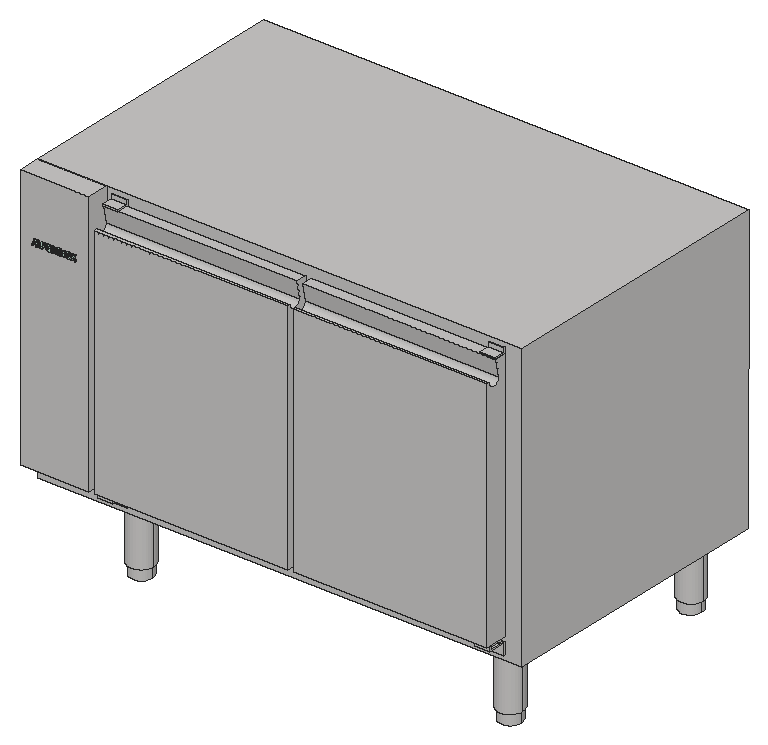
Revit family "QF_ALPENINOX_712604_AJ2R8AA", category Specialty Equipment, Revit 2018
Family settings
  Round Connector Dimension = Use Diameter
  Part Type = Normal
  Work Plane-Based = No
  Always vertical = Yes
  Cut with Voids When Loaded = No
  Shared = No
  Room Calculation Point = No
Parameters
  Weight = 0.00 kg
  Watts = 2.78709 W
  Volts = 220 V
  URL Manufacturer = "http://www.alpeninox.com"
  URL = "http://www.alpeninox.com"
  Steam Supply Size = 0 mm
  Steam Supply Minimum Pressure = 0.0 Pa
  Steam Supply Maximum Pressure = 0.0 Pa
  Steam Pounds per Hour = 0
  Refrigeration Suction Line Size = 0 mm
  Refrigeration Liquid Line Size = 0 mm
  Refrigerant Compressor Remote = yes
  Manufacturer = "Alpeninox"
  Phase = 1
  Model = "AJ2R8AA"
  Length Actual = 1103 mm  # constant formula
  Length = 1103 mm
  Item Number = "712604"
  Hot Water Size = 0 mm
  Height Actual = 800 mm  # constant formula
  Height = 650 mm
  HP = "0 HP"
  Gas Size = 0 mm
  Gas KW = 0
  Gas Input Pressure = 0 W
  Depth Actual = 700 mm  # constant formula
  Depth = 695 mm
  Description = "2 DOOR REFRIGERATED TABLE -2C-NO TOP REM"
  Cycle = 60 Hz
  Condensate Return Size = 0 mm
  Compressed Air Volume = 0.0 L/s
  Compressed Air Size = 0 mm
  Compressed Air Pressure = 0.0 Pa
  Cold Water Size = 0 mm
  Accessory = yes
Reference planes
  plane 1: z = 0
  plane 2 "Center (Left/Right)": x = -124.5
  plane 3 "Center (Front/Back)": y = 64.5
  plane 4 "FEET": z = 150
  plane 5 "TOP": z = 850
  plane 6 "PLAIN": z = 800
  plane 7 "EI_back": y = 359
  plane 8 "EI_left": x = -610
  plane 9 "BACK": y = 412
  plane 10 "FRONT": y = -283
  plane 11 "DOOR": y = -233
  plane 12 "LEFT": x = -676
  plane 13 "RIGHT": x = 427
  plane 14: x = -651
  plane 15: x = 402
  plane 16 "RO_left": x = -636
  plane 17 "RI_left": x = -584
  plane 18 "RO_back": y = 375.5
  plane 19 "RI_back": y = 375.5
  plane 20 "DRAINleft": x = -610
  plane 21 "DRAINback": y = 164
Forms (mm)
  Extrusion 1, solid, material "QF_Finishes_Stainless Steel"
    sketch origin (-1022.223, -1524, 150) x (-1, 0, 0) y (0, -1, 0)
      loop
        circle (-412.223, -1883) r 5
    from 0 to -40
  Extrusion 2, solid, material "QF_Finishes_Stainless Steel"
    sketch origin (-1022.223, -1524, 150) x (-1, 0, 0) y (0, -1, 0)
      loop
        circle (-386.223, -1899.5) r 4.25
    from 0 to -20
  Extrusion 3, solid, material "QF_Finishes_Stainless Steel"
    sketch origin (-1022.223, -1524, 150) x (-1, 0, 0) y (0, -1, 0)
      loop
        circle (-438.223, -1899.5) r 4
    from 0 to -20
  Extrusion 4, solid, material "QF_Finishes_Stainless Steel"
    sketch origin (-1022.223, -1524, 150) x (-1, 0, 0) y (0, -1, 0)
      loop
        circle (-412.223, -1688) r 8.5
    from 0 to -40
  Extrusion 5, solid, material "QF_Finishes_Stainless Steel"
    sketch origin (-1022.223, -1524, 150) x (-1, 0, 0) y (0, -1, 0)
      loop
        line (-346.223, -1936) -> (-346.223, -1291) -> (-1449.223, -1291) -> (-1449.223, -1936) -> (-346.223, -1936)
    from 0 to 650 <- "Height"
Lines and regions (mm)
  symbolic lines, style "SpecialityEquipmentHiddenLines"
    curve 1: line (-676, 412, 150) -> (427, 412, 150)
    curve 2: line (-676, -283, 150) -> (-676, 412, 150)
    curve 3: line (427, -283, 150) -> (-676, -283, 150)
    curve 4: line (427, 412, 150) -> (427, -283, 150)
    curve 5: line (-676, -233, 150) -> (427, -233, 150)
    curve 6: line (402, -233, 150) -> (402, -283, 150)
Dimensions and locks
  plane 4 "FEET" to level = 150 mm
  plane 11 "DOOR" to plane 10 "FRONT" = 50 mm
  "Height": plane 6 "PLAIN" to plane 4 "FEET"
  plane 5 "TOP" to plane 6 "PLAIN" = 50 mm
  plane 12 "LEFT" to plane 14 = 25 mm
  plane 15 to plane 13 "RIGHT" = 25 mm
  plane 9 "BACK" to plane 18 "RO_back" = 36.5 mm
  plane 9 "BACK" to plane 7 "EI_back" = 53 mm
  plane 9 "BACK" to plane 19 "RI_back" = 36.5 mm
  plane 9 "BACK" to plane 21 "DRAINback" = 248 mm
  plane 12 "LEFT" to plane 20 "DRAINleft" = 66 mm
  plane 12 "LEFT" to plane 8 "EI_left" = 66 mm
  plane 12 "LEFT" to plane 17 "RI_left" = 92 mm
  plane 12 "LEFT" to plane 16 "RO_left" = 40 mm
  "Depth": plane 9 "BACK" to plane 10 "FRONT"
  equal spacing: plane 9 "BACK", plane 3 "Center (Front/Back)", plane 10 "FRONT"
  "Length": plane 12 "LEFT" to plane 13 "RIGHT"
  equal spacing: plane 12 "LEFT", plane 2 "Center (Left/Right)", plane 13 "RIGHT"
  aligned and locked: level to plane 1
Automatic sketch dimensions
  Extrusion 1 sketch curve to plane 7 "EI_back" = 0 mm
  Extrusion 1 sketch curve to plane 8 "EI_left" = 0 mm
  Extrusion 2 sketch curve to plane 16 "RO_left" = 0 mm
  Extrusion 2 sketch curve to plane 18 "RO_back" = 0 mm
  Extrusion 3 sketch curve to plane 17 "RI_left" = 0 mm
  Extrusion 3 sketch curve to plane 19 "RI_back" = 0 mm
  Extrusion 4 sketch curve to plane 20 "DRAINleft" = 0 mm
  Extrusion 4 sketch curve to plane 21 "DRAINback" = 0 mm
  Extrusion 5 sketch curve to plane 9 "BACK" = 0 mm
  Extrusion 5 sketch curve to plane 13 "RIGHT" = 0 mm
  Extrusion 5 sketch curve to plane 11 "DOOR" = 0 mm
  Extrusion 5 sketch curve to plane 12 "LEFT" = 0 mm
  curve 1 to plane 13 "RIGHT" = 0 mm
  curve 6 to plane 15 = 0 mm
  curve 5 to plane 11 "DOOR" = 0 mm
  curve 5 to plane 12 "LEFT" = 0 mm
  curve 6 to plane 10 "FRONT" = 0 mm
  curve 1 to plane 9 "BACK" = 0 mm
  radius of Extrusion 1 sketch curve = 5 mm
  radius of Extrusion 2 sketch curve = 4.25 mm
  radius of Extrusion 3 sketch curve = 4 mm
  radius of Extrusion 4 sketch curve = 8.5 mm
Nested families
  nested 1: "Refrigerator" at (427, -283, 0), type "Refrigerator"
  nested 2: "FEET" at (-480, 331, 0), type "FEET"
  nested 3: "FEET" at (361, 331, 0), type "FEET"
  nested 4: "FEET" at (-480, -183, 0), type "FEET"
  nested 5: "FEET" at (361, -183, 0), type "FEET"
  nested 6: "APX_REM_TN_L_650" at (-519.08, -233, 548) x (1, 0, 0) z (0, -1, 0), type "APX_REM_TN_L_650"
    with Show Logo yes
  nested 7: "APX_SD_L_650" at (-286, -233, 458.88) x (1, 0, 0) z (0, -1, 0), type "APX_SD_L_650"
    with Show Clearance yes
  nested 8: "APX_SD_R_650" at (168, -233, 458.88) x (1, 0, 0) z (0, -1, 0), type "APX_SD_R_650"
    with Show Clearance yes
Connectors
  electrical at (-610, 359, 110), driven by "Volts"
    settings: on Extrusion 1, index 1, voltage 220 V, apparent load 0 VA, apparent load phase1 0 VA, apparent load phase2 0 VA, apparent load phase3 0 VA, power factor 1, load classification "Other", number of poles 1, system type 31, power factor state 1, is connector primary yes, connector utility no, sub classification motor no, connector description "Electrical Connection"
  piping at (-636, 375.5, 130)
    settings: on Extrusion 2, index 3, connector diameter 0 mm, connector inside diameter 609.6 mm, connector length 0 mm, flow factor 0, pipe flow 0.0 L/s, pressure drop 0.0 Pa, fitting loss kfactor 0, connector angle 0.00°, fixture units 0, engagement length 0 mm, angle of deflection 0.00°, flow configuration 1, flow direction 2, fitting loss method 0, system type 8, joint type 0, gender type 0, connector reference index -1, connector utility 0, adjustable connector no, is connector primary yes, connector description "Refrigerant Outlet"
  piping at (-584, 375.5, 130)
    settings: on Extrusion 3, index 4, connector diameter 0 mm, connector inside diameter 609.6 mm, connector length 0 mm, flow factor 0, pipe flow 0.0 L/s, pressure drop 0.0 Pa, fitting loss kfactor 0, connector angle 0.00°, fixture units 0, engagement length 0 mm, angle of deflection 0.00°, flow configuration 1, flow direction 1, fitting loss method 0, system type 7, joint type 0, gender type 0, connector reference index -1, connector utility 0, adjustable connector no, is connector primary no, connector description "Refrigerant Inlet"
  piping at (-610, 164, 110), diameter 17
    settings: on Extrusion 4, index 5, connector inside diameter 609.6 mm, connector length 0 mm, flow factor 0, pipe flow 0.0 L/s, pressure drop 0.0 Pa, fitting loss kfactor 0, connector angle 0.00°, fixture units 0, engagement length 0 mm, angle of deflection 0.00°, flow configuration 1, flow direction 2, fitting loss method 0, system type 16, joint type 0, gender type 0, connector reference index -1, connector utility 0, adjustable connector no, is connector primary no, connector description "Drain"
Definition of nested family "FEET"
  Parameters
    FEET = 150 mm
  Reference planes
    plane 1 "Center (Front/Back)": y = 0
    plane 2: z = 0
    plane 3 "Center (Left/Right)": x = 0
    plane 4: z = 150
  Forms (mm)
    Revolve 1, solid
      sketch origin (255.05, 0, 608.09) x (0, 0, 1) y (-1, 0, 0)
        loop
          line (-608.09, 255.05) -> (-608.09, 230.05) -> (-583.09, 230.05) -> (-583.09, 226.05) -> (-458.09, 226.05) -> (-458.09, 255.05) -> (-608.09, 255.05)
        axis (-608.09, 255.05) -> (-458.09, 255.05)
      angle from 0 to 360
  Dimensions and locks
    locked: Revolve 1 sketch curve to Revolve 1 sketch curve at 125
    "FEET": plane 4 to plane 2
    aligned and locked: level to plane 2
    aligned and locked: plane 4 to Revolve 1 sketch curve
    aligned and locked: Revolve 1 sketch curve to level
    aligned and locked: plane 3 "Center (Left/Right)" to Revolve 1 sketch curve
  Automatic sketch dimensions
    Revolve 1 sketch curve to plane 3 "Center (Left/Right)" = 0 mm
    Revolve 1 sketch curve to Revolve 1 sketch curve = 25 mm
    Revolve 1 sketch curve to Revolve 1 sketch curve = 29 mm
    plane 4 to Revolve 1 sketch curve = 50 mm
    Revolve 1 sketch curve to Revolve 1 sketch curve = 20 mm
Definition of nested family "APX_REM_TN_L_650"
  Parameters
    Show Logo [instance] = yes
    Default Elevation = 1219.2 mm
  Reference planes
    plane 1 "Centro (Fronte/Retro)": y = -49
    plane 2: z = 0
    plane 3 "Centro (Sinistra/Destra)": x = -78.92
  Forms (mm)
    Extrusion 1, solid
      sketch origin (0, 0, 0) x (1, 0, 0) y (0, 1, 0)
        loop
          line (-1219.2, 1219.2) -> (-1219.2, -1219.2) -> (1219.2, -1219.2) -> (1219.2, 1219.2) -> (-1219.2, 1219.2)
      from 0 to -304.8
    Extrusion 2, solid
      sketch origin (0, 0, 0) x (1, 0, 0) y (0, 1, 0)
        loop
          line (-156.92, 252) -> (-156.92, -350) -> (-0.92, -350) -> (-0.92, 252) -> (-156.92, 252)
      from 0 to 50
    Extrusion 3, solid
      sketch origin (43.141, -49.023, 0) x (1, 0, 0) y (0, 1, 0)
        loop
          line (-168.675, 170.349) -> (-172.411, 160.318)
          arc (-172.411, 160.318) -> (-171.624, 158.497) -> (-169.837, 159.36) r 1.374
          line (-169.837, 159.36) -> (-169.268, 161.111) -> (-164.1, 161.111) -> (-163.54, 159.379)
          arc (-163.54, 159.379) -> (-161.802, 158.542) -> (-161.049, 160.318) r 1.333
          line (-161.049, 160.318) -> (-164.694, 170.349)
          arc (-164.694, 170.349) -> (-166.685, 171.876) -> (-168.675, 170.349) r 2.06
        loop
          line (-166.681, 169.055) -> (-168.469, 163.655) -> (-164.935, 163.655) -> (-166.681, 169.055)
        loop
          arc (-159.705, 160.042) -> (-159.262, 158.973) -> (-158.194, 158.531) r 1.512
          line (-158.194, 158.531) -> (-153.608, 158.531)
          arc (-153.608, 158.531) -> (-152.337, 159.802) -> (-153.608, 161.074) r 1.272
          line (-153.608, 161.074) -> (-156.917, 161.074) -> (-156.917, 170.328)
          arc (-156.917, 170.328) -> (-158.311, 171.722) -> (-159.705, 170.328) r 1.394
          line (-159.705, 170.328) -> (-159.705, 160.042)
        loop
          line (-151.076, 170.218) -> (-151.076, 159.859)
          arc (-151.076, 159.859) -> (-149.683, 158.466) -> (-148.29, 159.859) r 1.393
          line (-148.29, 159.859) -> (-148.29, 162.882) -> (-146.225, 162.882)
          arc (-146.225, 162.882) -> (-142.999, 163.859) -> (-141.608, 166.928) r 4.082
          arc (-141.608, 166.928) -> (-142.993, 170.272) -> (-146.336, 171.657) r 4.728
          line (-146.336, 171.657) -> (-149.638, 171.657)
          arc (-149.638, 171.657) -> (-150.655, 171.235) -> (-151.076, 170.218) r 1.439
        loop
          line (-148.29, 165.313) -> (-146.388, 165.313)
          arc (-146.388, 165.313) -> (-144.433, 167.268) -> (-146.388, 169.222) r 1.955
          line (-146.388, 169.222) -> (-148.29, 169.222) -> (-148.29, 165.313)
        loop
          arc (-131.184, 166.332) -> (-132.004, 168.2) -> (-133.767, 169.228) r 3.3
          arc (-133.767, 169.228) -> (-136.353, 168.661) -> (-137.611, 166.332) r 3.176
          line (-137.611, 166.332) -> (-131.184, 166.332)
        loop
          line (-137.538, 163.743) -> (-130.544, 163.743)
          arc (-130.544, 163.743) -> (-129.292, 163.916) -> (-128.301, 164.701) r 2.4
          arc (-128.301, 164.701) -> (-128.155, 165.545) -> (-128.212, 166.399) r 3.635
          arc (-128.212, 166.399) -> (-130.364, 170.162) -> (-134.39, 171.769) r 6.579
          arc (-134.39, 171.769) -> (-138.918, 169.706) -> (-140.661, 165.044) r 6.501
          arc (-140.661, 165.044) -> (-139.276, 160.789) -> (-135.401, 158.549) r 6.252
          arc (-135.401, 158.549) -> (-132.922, 158.526) -> (-130.544, 159.232) r 8.361
          arc (-130.544, 159.232) -> (-129.466, 159.781) -> (-128.641, 160.666) r 3.486
          arc (-128.641, 160.666) -> (-128.419, 161.592) -> (-128.828, 162.451) r 1.425
          arc (-128.828, 162.451) -> (-129.368, 162.762) -> (-129.99, 162.762) r 1.203
          arc (-129.99, 162.762) -> (-130.406, 162.59) -> (-130.764, 162.316) r 1.724
          arc (-130.764, 162.316) -> (-131.666, 161.705) -> (-132.646, 161.229) r 7.6
          arc (-132.646, 161.229) -> (-135.676, 161.35) -> (-137.538, 163.743) r 3.6
        loop
          line (-126.669, 170.328) -> (-126.669, 159.859)
          arc (-126.669, 159.859) -> (-125.273, 158.463) -> (-123.878, 159.859) r 1.396
          line (-123.878, 159.859) -> (-123.878, 166.785) -> (-117.946, 159.029)
          arc (-117.946, 159.029) -> (-116.361, 158.51) -> (-115.379, 159.859) r 1.417
          line (-115.379, 159.859) -> (-115.379, 170.328)
          arc (-115.379, 170.328) -> (-116.774, 171.723) -> (-118.169, 170.328) r 1.395
          line (-118.169, 170.328) -> (-118.169, 163.311) -> (-124.101, 171.157)
          arc (-124.101, 171.157) -> (-125.687, 171.678) -> (-126.669, 170.328) r 1.418
        loop
          arc (-113.636, 159.859) -> (-112.241, 158.464) -> (-110.847, 159.859) r 1.394
          line (-110.847, 159.859) -> (-110.847, 170.328)
          arc (-110.847, 170.328) -> (-112.241, 171.723) -> (-113.636, 170.328) r 1.394
          line (-113.636, 170.328) -> (-113.636, 159.859)
        loop
          line (-109.102, 170.328) -> (-109.102, 159.859)
          arc (-109.102, 159.859) -> (-107.706, 158.463) -> (-106.31, 159.859) r 1.396
          line (-106.31, 159.859) -> (-106.31, 166.785) -> (-100.378, 159.029)
          arc (-100.378, 159.029) -> (-98.793, 158.51) -> (-97.812, 159.859) r 1.417
          line (-97.812, 159.859) -> (-97.812, 170.328)
          arc (-97.812, 170.328) -> (-99.207, 171.723) -> (-100.602, 170.328) r 1.395
          line (-100.602, 170.328) -> (-100.602, 163.311) -> (-106.533, 171.157)
          arc (-106.533, 171.157) -> (-108.119, 171.678) -> (-109.102, 170.328) r 1.418
        loop
          arc (-96.345, 165.093) -> (-95.619, 161.877) -> (-93.467, 159.379) r 6.806
          arc (-93.467, 159.379) -> (-91.792, 158.566) -> (-89.948, 158.31) r 5.956
          arc (-89.948, 158.31) -> (-88.104, 158.566) -> (-86.43, 159.379) r 5.956
          arc (-86.43, 159.379) -> (-84.277, 161.877) -> (-83.551, 165.093) r 6.806
          arc (-83.551, 165.093) -> (-84.277, 168.31) -> (-86.43, 170.808) r 6.806
          arc (-86.43, 170.808) -> (-88.104, 171.621) -> (-89.948, 171.877) r 5.956
          arc (-89.948, 171.877) -> (-91.792, 171.621) -> (-93.467, 170.808) r 5.956
          arc (-93.467, 170.808) -> (-95.619, 168.31) -> (-96.345, 165.093) r 6.806
        loop
          arc (-93.425, 165.093) -> (-93.138, 163.212) -> (-92.081, 161.629) r 4.387
          arc (-92.081, 161.629) -> (-91.087, 161.049) -> (-89.948, 160.881) r 3.035
          arc (-89.948, 160.881) -> (-88.809, 161.049) -> (-87.815, 161.629) r 3.035
          arc (-87.815, 161.629) -> (-86.759, 163.212) -> (-86.472, 165.093) r 4.387
          arc (-86.472, 165.093) -> (-86.759, 166.975) -> (-87.815, 168.558) r 4.387
          arc (-87.815, 168.558) -> (-88.809, 169.138) -> (-89.948, 169.306) r 3.035
          arc (-89.948, 169.306) -> (-91.087, 169.138) -> (-92.081, 168.558) r 3.035
          arc (-92.081, 168.558) -> (-93.138, 166.975) -> (-93.425, 165.093) r 4.387
        loop
          line (-82.843, 169.609) -> (-79.829, 165.552) -> (-83.513, 160.652)
          arc (-83.513, 160.652) -> (-83.216, 158.692) -> (-81.262, 159.029) r 1.388
          line (-81.262, 159.029) -> (-78.213, 163.232) -> (-75.164, 159.029)
          arc (-75.164, 159.029) -> (-73.211, 158.692) -> (-72.913, 160.652) r 1.388
          line (-72.913, 160.652) -> (-76.597, 165.552) -> (-73.584, 169.609)
          arc (-73.584, 169.609) -> (-73.952, 171.597) -> (-75.908, 171.084) r 1.38
          line (-75.908, 171.084) -> (-78.213, 167.841) -> (-80.519, 171.084)
          arc (-80.519, 171.084) -> (-82.474, 171.597) -> (-82.843, 169.609) r 1.38
      from 50 to 51.6
  Lines and regions (mm)
    Split face 1
      outline origin (0, 0, 50) x (1, 0, 0) y (0, 1, 0)
        loop
          line (-0.92, 188) -> (-156.92, 188)
    Split face 2
      outline origin (0, 0, 50) x (1, 0, 0) y (0, 1, 0)
        loop
          line (-156.92, 178) -> (-0.92, 178)
    Split face 3
      outline origin (0, 0, 50) x (1, 0, 0) y (0, 1, 0)
        loop
          line (-0.92, 104) -> (-156.92, 104)
    Split face 4
      outline origin (0, 0, 50) x (1, 0, 0) y (0, 1, 0)
        loop
          line (-0.92, 94) -> (-156.92, 94)
    Split face 5
      outline origin (0, 0, 50) x (1, 0, 0) y (0, 1, 0)
        loop
          line (-108.92, 163.931) -> (-108.92, 134.412) -> (-48.92, 134.412) -> (-48.92, 163.931) -> (-108.92, 163.931)
    Split face 6
      outline origin (0, 0, 50) x (1, 0, 0) y (0, 1, 0)
        loop
          line (-68.92, 160.931) -> (-68.92, 137.412) -> (-51.92, 137.412) -> (-51.92, 160.931) -> (-68.92, 160.931)
    symbolic lines
      curve 1: line (-2, -49, 50) -> (-2, -49, 0)
  Dimensions and locks
    equal spacing: Extrusion 2, plane 3 "Centro (Sinistra/Destra)", Extrusion 2
    equal spacing: Extrusion 2, plane 1 "Centro (Fronte/Retro)", Extrusion 2
    Extrusion 2 to Extrusion 2 = 156 mm
    aligned and locked: plane 2 to Extrusion 1
    aligned and locked: level to Extrusion 1
  Automatic sketch dimensions
    curve 1 to level = 0 mm
    plane 3 "Centro (Sinistra/Destra)" to curve 1 = 76.92 mm
    curve 1 to curve 1 = 50 mm
    Extrusion 1 sketch curve to Extrusion 1 sketch curve = 2438.4 mm  (x2)
    Extrusion 2 sketch curve to plane 3 "Centro (Sinistra/Destra)" = 78 mm
    plane 3 "Centro (Sinistra/Destra)" to Extrusion 2 sketch curve = 78 mm
    plane 1 "Centro (Fronte/Retro)" to Extrusion 2 sketch curve = 301 mm
    Extrusion 2 sketch curve to plane 1 "Centro (Fronte/Retro)" = 301 mm
    Extrusion 3 sketch curve to plane 3 "Centro (Sinistra/Destra)" = 50.35 mm
    Extrusion 3 sketch curve to Extrusion 3 sketch curve = 1.266 mm
    Extrusion 3 sketch curve to Extrusion 3 sketch curve = 1.307 mm
    Extrusion 3 sketch curve to Extrusion 3 sketch curve = 0.57 mm
    Extrusion 3 sketch curve to Extrusion 3 sketch curve = 0.593 mm
    Extrusion 3 sketch curve to Extrusion 3 sketch curve = 0.799 mm
    Extrusion 3 sketch curve to Extrusion 3 sketch curve = 1.99 mm  (x2)
    Extrusion 3 sketch curve to Extrusion 3 sketch curve = 0.003 mm
    Extrusion 3 sketch curve to Extrusion 3 sketch curve = 3.534 mm
    Extrusion 3 sketch curve to Extrusion 3 sketch curve = 0.835 mm
    Extrusion 3 sketch curve to Extrusion 3 sketch curve = 0.56 mm
    Extrusion 3 sketch curve to Extrusion 3 sketch curve = 1.268 mm
    Extrusion 3 sketch curve to Extrusion 3 sketch curve = 1.223 mm
    Extrusion 3 sketch curve to Extrusion 3 sketch curve = 1.344 mm
    Extrusion 3 sketch curve to Extrusion 3 sketch curve = 1.394 mm  (x2)
    Extrusion 3 sketch curve to Extrusion 3 sketch curve = 1.512 mm
    Extrusion 3 sketch curve to Extrusion 3 sketch curve = 3.309 mm
    Extrusion 3 sketch curve to Extrusion 3 sketch curve = 5.841 mm
    Extrusion 3 sketch curve to Extrusion 3 sketch curve = 1.393 mm
    Extrusion 3 sketch curve to Extrusion 3 sketch curve = 1.439 mm
    Extrusion 3 sketch curve to Extrusion 3 sketch curve = 0 mm  (x19)
    Extrusion 3 sketch curve to Extrusion 3 sketch curve = 1.902 mm
    Extrusion 3 sketch curve to Extrusion 3 sketch curve = 0.052 mm
    Extrusion 3 sketch curve to Extrusion 3 sketch curve = 2.065 mm
    Extrusion 3 sketch curve to Extrusion 3 sketch curve = 0.647 mm
    Extrusion 3 sketch curve to Extrusion 3 sketch curve = 8.079 mm
    Extrusion 3 sketch curve to Extrusion 3 sketch curve = 0.073 mm
    Extrusion 3 sketch curve to Extrusion 3 sketch curve = 2.145 mm
    Extrusion 3 sketch curve to Extrusion 3 sketch curve = 2.931 mm
    Extrusion 3 sketch curve to Extrusion 3 sketch curve = 0.213 mm
    Extrusion 3 sketch curve to Extrusion 3 sketch curve = 0.026 mm
    Extrusion 3 sketch curve to Extrusion 3 sketch curve = 0.263 mm
    Extrusion 3 sketch curve to Extrusion 3 sketch curve = 0.516 mm
    Extrusion 3 sketch curve to Extrusion 3 sketch curve = 0.356 mm
    Extrusion 3 sketch curve to Extrusion 3 sketch curve = 0.387 mm
    Extrusion 3 sketch curve to Extrusion 3 sketch curve = 2.378 mm
    Extrusion 3 sketch curve to Extrusion 3 sketch curve = 2.466 mm
    Extrusion 3 sketch curve to Extrusion 3 sketch curve = 0.602 mm
    Extrusion 3 sketch curve to Extrusion 3 sketch curve = 1.02 mm
    Extrusion 3 sketch curve to Extrusion 3 sketch curve = 0.949 mm
    Extrusion 3 sketch curve to Extrusion 3 sketch curve = 1.728 mm
    Extrusion 3 sketch curve to Extrusion 3 sketch curve = 0.157 mm  (x2)
    Extrusion 3 sketch curve to Extrusion 3 sketch curve = 0.292 mm
    Extrusion 3 sketch curve to plane 3 "Centro (Sinistra/Destra)" = 4.608 mm
    Extrusion 3 sketch curve to Extrusion 3 sketch curve = 1.396 mm  (x2)
    Extrusion 3 sketch curve to Extrusion 3 sketch curve = 1.418 mm  (x2)
    Extrusion 3 sketch curve to Extrusion 3 sketch curve = 1.151 mm  (x2)
    plane 3 "Centro (Sinistra/Destra)" to Extrusion 3 sketch curve = 3.891 mm
    plane 3 "Centro (Sinistra/Destra)" to Extrusion 3 sketch curve = 4.115 mm
    Extrusion 3 sketch curve to Extrusion 3 sketch curve = 1.149 mm  (x2)
    Extrusion 3 sketch curve to Extrusion 3 sketch curve = 1.395 mm  (x2)
    Extrusion 3 sketch curve to Extrusion 3 sketch curve = 1.744 mm
    Extrusion 3 sketch curve to Extrusion 3 sketch curve = 1.745 mm
    Extrusion 3 sketch curve to Extrusion 3 sketch curve = 5.709 mm
    Extrusion 3 sketch curve to Extrusion 3 sketch curve = 0.224 mm
    Extrusion 3 sketch curve to Extrusion 3 sketch curve = 6.963 mm
    Extrusion 3 sketch curve to Extrusion 3 sketch curve = 0.493 mm  (x3)
    Extrusion 3 sketch curve to Extrusion 3 sketch curve = 0.273 mm  (x2)
    Extrusion 3 sketch curve to Extrusion 3 sketch curve = 0.021 mm  (x2)
    Extrusion 3 sketch curve to Extrusion 3 sketch curve = 0.226 mm  (x2)
    Extrusion 3 sketch curve to Extrusion 3 sketch curve = 0.268 mm  (x2)
    Extrusion 3 sketch curve to Extrusion 3 sketch curve = 0.294 mm
    Extrusion 3 sketch curve to Extrusion 3 sketch curve = 5.534 mm
    Extrusion 3 sketch curve to Extrusion 3 sketch curve = 6.205 mm
    Extrusion 3 sketch curve to Extrusion 3 sketch curve = 1.109 mm  (x2)
    Extrusion 3 sketch curve to Extrusion 3 sketch curve = 1.108 mm  (x2)
    Extrusion 3 sketch curve to Extrusion 3 sketch curve = 1.142 mm  (x2)
    Extrusion 3 sketch curve to Extrusion 3 sketch curve = 1.216 mm  (x2)
    Extrusion 3 sketch curve to Extrusion 3 sketch curve = 3.013 mm
    Extrusion 3 sketch curve to Extrusion 3 sketch curve = 1.616 mm  (x3)
    Extrusion 3 sketch curve to Extrusion 3 sketch curve = 2.305 mm
    Extrusion 3 sketch curve to Extrusion 3 sketch curve = 3.049 mm
    Extrusion 3 sketch curve to plane 1 "Centro (Fronte/Retro)" = 158.508 mm
    Extrusion 3 sketch curve to Extrusion 3 sketch curve = 0.498 mm
    Extrusion 3 sketch curve to Extrusion 3 sketch curve = 0.682 mm
    Extrusion 3 sketch curve to Extrusion 3 sketch curve = 0.664 mm
    Extrusion 3 sketch curve to Extrusion 3 sketch curve = 0.425 mm
    Extrusion 3 sketch curve to Extrusion 3 sketch curve = 0.41 mm
    Extrusion 3 sketch curve to Extrusion 3 sketch curve = 1.272 mm
    Extrusion 3 sketch curve to Extrusion 3 sketch curve = 0.789 mm  (x2)
    Extrusion 3 sketch curve to Extrusion 3 sketch curve = 0.056 mm
    Extrusion 3 sketch curve to Extrusion 3 sketch curve = 0.83 mm
    Extrusion 3 sketch curve to Extrusion 3 sketch curve = 1.238 mm
    Extrusion 3 sketch curve to Extrusion 3 sketch curve = 1.732 mm
    Extrusion 3 sketch curve to Extrusion 3 sketch curve = 0.346 mm
    Extrusion 3 sketch curve to Extrusion 3 sketch curve = 1.123 mm
    Extrusion 3 sketch curve to Extrusion 3 sketch curve = 3.023 mm
    Extrusion 3 sketch curve to Extrusion 3 sketch curve = 4.203 mm
    Extrusion 3 sketch curve to Extrusion 3 sketch curve = 3.452 mm  (x2)
    Extrusion 3 sketch curve to Extrusion 3 sketch curve = 2.544 mm
    Extrusion 3 sketch curve to Extrusion 3 sketch curve = 1.177 mm
    Extrusion 3 sketch curve to Extrusion 3 sketch curve = 3.261 mm
    Extrusion 3 sketch curve to Extrusion 3 sketch curve = 0.352 mm  (x2)
    Extrusion 3 sketch curve to Extrusion 3 sketch curve = 1.987 mm
    Extrusion 3 sketch curve to Extrusion 3 sketch curve = 0.171 mm
    Extrusion 3 sketch curve to Extrusion 3 sketch curve = 0.533 mm  (x3)
    Extrusion 3 sketch curve to Extrusion 3 sketch curve = 0.14 mm  (x4)
    Extrusion 3 sketch curve to Extrusion 3 sketch curve = 0.473 mm
    Extrusion 3 sketch curve to Extrusion 3 sketch curve = 0.31 mm  (x2)
    Extrusion 3 sketch curve to Extrusion 3 sketch curve = 0.075 mm
    Extrusion 3 sketch curve to Extrusion 3 sketch curve = 2.431 mm
    Extrusion 3 sketch curve to Extrusion 3 sketch curve = 2.32 mm  (x2)
    Extrusion 3 sketch curve to Extrusion 3 sketch curve = 1.992 mm
    Extrusion 3 sketch curve to Extrusion 3 sketch curve = 0.674 mm
    Extrusion 3 sketch curve to Extrusion 3 sketch curve = 0.732 mm
    Extrusion 3 sketch curve to Extrusion 3 sketch curve = 0.388 mm
    Extrusion 3 sketch curve to Extrusion 3 sketch curve = 0.121 mm
    Extrusion 3 sketch curve to Extrusion 3 sketch curve = 2.589 mm
    Extrusion 3 sketch curve to Extrusion 3 sketch curve = 0.662 mm
    Extrusion 3 sketch curve to Extrusion 3 sketch curve = 3.473 mm
    Extrusion 3 sketch curve to Extrusion 3 sketch curve = 0.681 mm
    Extrusion 3 sketch curve to Extrusion 3 sketch curve = 1.615 mm
    Extrusion 3 sketch curve to Extrusion 3 sketch curve = 0.34 mm
    Extrusion 3 sketch curve to Extrusion 3 sketch curve = 2.288 mm
    Extrusion 3 sketch curve to Extrusion 3 sketch curve = 0.942 mm
    Extrusion 3 sketch curve to Extrusion 3 sketch curve = 5.4 mm
    Extrusion 3 sketch curve to Extrusion 3 sketch curve = 1.768 mm  (x2)
    Extrusion 3 sketch curve to Extrusion 3 sketch curve = 0.761 mm
    Extrusion 3 sketch curve to Extrusion 3 sketch curve = 0.996 mm
    Extrusion 3 sketch curve to Extrusion 3 sketch curve = 3.543 mm  (x2)
    Extrusion 3 sketch curve to Extrusion 3 sketch curve = 7.017 mm
    Extrusion 3 sketch curve to Extrusion 3 sketch curve = 0.11 mm
    Extrusion 3 sketch curve to Extrusion 3 sketch curve = 0.823 mm  (x2)
    Extrusion 3 sketch curve to Extrusion 3 sketch curve = 0.947 mm
    Extrusion 3 sketch curve to Extrusion 3 sketch curve = 3.837 mm
    Extrusion 3 sketch curve to Extrusion 3 sketch curve = 0.623 mm
    Extrusion 3 sketch curve to Extrusion 3 sketch curve = 1.082 mm
    Extrusion 3 sketch curve to Extrusion 3 sketch curve = 0.801 mm
    Extrusion 3 sketch curve to Extrusion 3 sketch curve = 1 mm
    Extrusion 3 sketch curve to Extrusion 3 sketch curve = 0.089 mm
    Extrusion 3 sketch curve to Extrusion 3 sketch curve = 4.257 mm
    Extrusion 3 sketch curve to Extrusion 3 sketch curve = 4.345 mm  (x2)
    Extrusion 3 sketch curve to Extrusion 3 sketch curve = 2.576 mm
    Extrusion 3 sketch curve to Extrusion 3 sketch curve = 1.385 mm  (x4)
    Extrusion 3 sketch curve to Extrusion 3 sketch curve = 2.133 mm  (x4)
    Extrusion 3 sketch curve to Extrusion 3 sketch curve = 3.518 mm
    Extrusion 3 sketch curve to Extrusion 3 sketch curve = 5.603 mm
    Extrusion 3 sketch curve to Extrusion 3 sketch curve = 2.571 mm
    Split face 1 sketch curve to Extrusion 2 = 0 mm  (x2)
    Split face 1 sketch curve to Extrusion 2 = 64 mm
    Split face 2 sketch curve to Extrusion 2 = 0 mm
    Split face 2 sketch curve to Extrusion 2 = 74 mm
    Extrusion 2 to Split face 2 sketch curve = 0 mm
    Split face 3 sketch curve to Extrusion 2 = 0 mm  (x2)
    Split face 3 sketch curve to Extrusion 2 = 148 mm
    Split face 4 sketch curve to Extrusion 2 = 0 mm  (x2)
    Split face 4 sketch curve to Extrusion 2 = 158 mm
    Split face 5 sketch curve to Extrusion 2 = 48 mm  (x2)
    Split face 5 sketch curve to Extrusion 2 = 117.588 mm
    Split face 5 sketch curve to Split face 5 sketch curve = 29.518 mm
    Split face 6 sketch curve to Extrusion 2 = 68 mm
    Split face 6 sketch curve to Split face 6 sketch curve = 17 mm
    Split face 6 sketch curve to Extrusion 2 = 114.588 mm
    Split face 6 sketch curve to Split face 6 sketch curve = 23.518 mm
Definition of nested family "APX_SD_L_650"
  Parameters
    Show Clearance [instance] = yes
    Default Elevation = 1219.2 mm
  Reference planes
    plane 1 "Center (Front/Back)": y = 28.12
    plane 2: z = 0
    plane 3 "Center (Left/Right)": x = 0
    plane 4: x = -234
    plane 5: x = 234
  Forms (mm)
    Extrusion 1, solid
      sketch origin (0, 0, 0) x (1, 0, 0) y (0, 1, 0)
        loop
          line (-1219.2, 1219.2) -> (-1219.2, -1219.2) -> (1219.2, -1219.2) -> (1219.2, 1219.2) -> (-1219.2, 1219.2)
      from 0 to -304.8
    Extrusion 2, solid
      sketch origin (0, 53.12, -3) x (0, 1, 0) y (0, 0, 1)
        loop
          line (-314, 53) -> (-314, 3) -> (264, 3) -> (264, 29) -> (224.395, 20)
          arc (224.395, 20) -> (210.396, 33.803) -> (224, 47.994) r 14
          line (224, 47.994) -> (224, 53) -> (-314, 53)
      from -220 to 220
    Extrusion 3, solid
      sketch origin (0, 53.12, 0) x (0, 1, 0) y (0, 0, -1)
        loop
          line (-323.003, -40.312) -> (-323.003, -12.259) -> (-323.003, 0) -> (-351.511, 0) -> (-351.511, -2.5) -> (-325.503, -2.5) -> (-325.503, -42.812) -> (-316.501, -42.812) -> (-316.501, -40.312) -> (-323.003, -40.312)
        loop
          line (-314, -38.311) -> (-314, -11.804) -> (-319.752, -11.804) -> (-319.752, -14.304) -> (-316.501, -14.304) -> (-316.501, -38.311) -> (-314, -38.311)
        loop
          line (265.003, -27.948) -> (267.503, -27.948) -> (267.503, -2.5) -> (277.503, -2.5) -> (277.503, 0) -> (265.003, 0) -> (265.003, -2.948) -> (265.003, -27.948)
      from 185 to 220
    Extrusion 4, solid, visible <- "Show Clearance", detail levels coarse
      sketch origin (0, 28.12, -3) x (-1, 0, 0) y (0, 0, -1)
        loop
          line (220, -53) -> (-220, -53)
          arc (-220, -53) -> (-79.636, -340.04) -> (220, -451) r 430
          line (220, -451) -> (220, -53)
      from -289 to 289
  Lines and regions (mm)
    symbolic lines
      curve 1: arc (219.599, 0, 55) -> (95.934, 0, 321.503) -> (-170, 0, 446.39) r 430
      curve 2: line (-220, 0, 55) -> (-220, 0, 448)
      curve 3: line (-170, 0, 55) -> (-170, 0, 448)
      curve 4: line (-220, 0, 448) -> (-170, 0, 448)
  Dimensions and locks
    plane 4 to plane 3 "Center (Left/Right)" to plane 5 = 234 mm locked, 234 mm locked
    aligned and locked: plane 2 to Extrusion 1
    aligned and locked: level to Extrusion 1
Definition of nested family "APX_SD_R_650"
  Parameters
    Show Clearance [instance] = yes
    Default Elevation = 1219.2 mm
  Reference planes
    plane 1 "Center (Front/Back)": y = 28.12
    plane 2: z = 0
    plane 3 "Center (Left/Right)": x = 0
    plane 4: x = -234
    plane 5: x = 234
  Forms (mm)
    Extrusion 1, solid
      sketch origin (0, 0, 0) x (1, 0, 0) y (0, 1, 0)
        loop
          line (-1219.2, 1219.2) -> (-1219.2, -1219.2) -> (1219.2, -1219.2) -> (1219.2, 1219.2) -> (-1219.2, 1219.2)
      from 0 to -304.8
    Extrusion 2, solid
      sketch origin (0, 53.12, -3) x (0, 1, 0) y (0, 0, 1)
        loop
          line (-314, 53) -> (-314, 3) -> (264, 3) -> (264, 29) -> (224.395, 20)
          arc (224.395, 20) -> (210.396, 33.803) -> (224, 47.994) r 14
          line (224, 47.994) -> (224, 53) -> (-314, 53)
      from -220 to 220
    Extrusion 3, solid, visible <- "Show Clearance", detail levels coarse
      sketch origin (0, 28.12, -3) x (-1, 0, 0) y (0, 0, -1)
        loop
          line (220, -53) -> (-220, -53) -> (-220, -451)
          arc (-220, -451) -> (79.636, -340.04) -> (220, -53) r 430
      from -289 to 289
    Extrusion 4, solid
      sketch origin (0, 53.12, 0) x (0, 1, 0) y (0, 0, 1)
        loop
          line (-323.003, 40.312) -> (-316.501, 40.312) -> (-316.501, 42.812) -> (-325.503, 42.812) -> (-325.503, 2.5) -> (-351.511, 2.5) -> (-351.511, 0) -> (-323.003, 0) -> (-323.003, 12.259) -> (-323.003, 40.312)
        loop
          line (-314, 38.311) -> (-316.501, 38.311) -> (-316.501, 14.304) -> (-319.752, 14.304) -> (-319.752, 11.804) -> (-314, 11.804) -> (-314, 38.311)
        loop
          line (265.003, 27.948) -> (265.003, 2.948) -> (265.003, 0) -> (277.503, 0) -> (277.503, 2.5) -> (267.503, 2.5) -> (267.503, 27.948) -> (265.003, 27.948)
      from 185 to 220
  Lines and regions (mm)
    symbolic lines
      curve 1: arc (-219.599, 0, 54.79) -> (-95.934, 0, 321.293) -> (170, 0, 446.179) r 430
      curve 2: line (220, 0, 54.79) -> (220, 0, 447.79)
      curve 3: line (170, 0, 54.79) -> (170, 0, 447.79)
      curve 4: line (220, 0, 447.79) -> (170, 0, 447.79)
  Dimensions and locks
    plane 4 to plane 3 "Center (Left/Right)" to plane 5 = 234 mm locked, 234 mm locked
    aligned and locked: plane 2 to Extrusion 1
    aligned and locked: level to Extrusion 1
Definition of nested family "Refrigerator"
  Reference planes
    plane 1 "Center (Front/Back)": y = 0
    plane 2: z = 0
    plane 3 "Center (Left/Right)": x = 0
  Lines and regions (mm)
    detail lines, in view "Ref. Level"
      curve 1: spline (-500, 190, 0) -> (-493.185, 166.706, 0) -> (-473.205, 145, 0) -> (-441.421, 126.36, 0) -> (-400, 112.058, 0) -> (-351.764, 103.067, 0) -> (-300, 100, 0) -> (-248.236, 103.067, 0) -> (-200, 112.058, 0) -> (-158.579, 126.36, 0) -> (-126.795, 145, 0) -> (-106.815, 166.706, 0) -> (-100, 190, 0) -> (-106.815, 213.294, 0) -> (-126.795, 235, 0) -> (-158.579, 253.64, 0) -> (-200, 267.942, 0) -> (-248.236, 276.933, 0) -> (-300, 280, 0) -> (-351.764, 276.933, 0) -> (-400, 267.942, 0) -> (-441.421, 253.64, 0) -> (-473.205, 235, 0) -> (-493.185, 213.294, 0) -> (-500, 190, 0)
      curve 2: line (-300, 130, 0) -> (-300, 250, 0)
      curve 3: line (-351.962, 220, 0) -> (-248.038, 160, 0)
      curve 4: line (-351.962, 160, 0) -> (-248.038, 220, 0)
      curve 5: line (-280.884, 246.873, 0) -> (-300, 225, 0)
      curve 6: line (-300, 225, 0) -> (-319.116, 246.873, 0)
      curve 7: line (-330.311, 207.5, 0) -> (-339.696, 234.992, 0)
      curve 8: line (-358.812, 201.882, 0) -> (-330.311, 207.5, 0)
      curve 9: line (-330.311, 172.5, 0) -> (-358.812, 178.118, 0)
      curve 10: line (-339.696, 145.008, 0) -> (-330.311, 172.5, 0)
      curve 11: line (-300, 155, 0) -> (-319.116, 133.127, 0)
      curve 12: line (-280.884, 133.127, 0) -> (-300, 155, 0)
      curve 13: line (-269.689, 172.5, 0) -> (-260.304, 145.008, 0)
      curve 14: line (-241.188, 178.118, 0) -> (-269.689, 172.5, 0)
      curve 15: line (-269.689, 207.5, 0) -> (-241.188, 201.882, 0)
      curve 16: line (-260.304, 234.992, 0) -> (-269.689, 207.5, 0)
